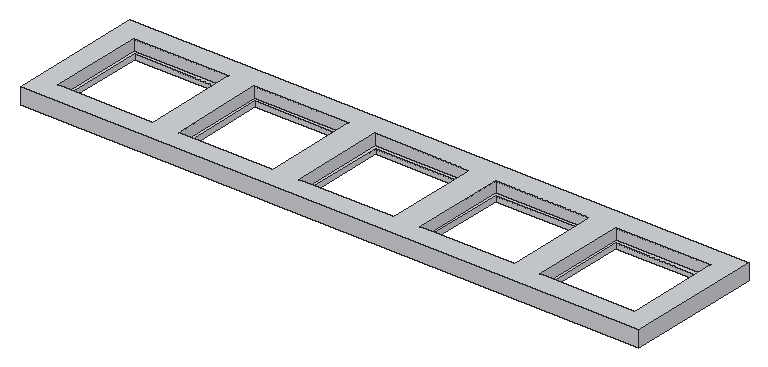
Revit family "Gira_021522", category Electrical Fixtures, host Face, Revit 2017
Family settings
  Host = Face
  Maintain Annotation Orientation = No
  Round Connector Dimension = Use Diameter
  Part Type = Normal
  Cut with Voids When Loaded = No
  Shared = No
  Room Calculation Point = No
Parameters (values of type "Abdeckrahmen 5f Gira E2 Reinweiß m")
  Werkstoffgüte = "Thermoplast"
  Werkstoff = "Kunststoff"
  URL = "http://katalog.gira.de/de_DE/datenblatt.html?artikelnr=021522"
  Transparent = "No"
  Textfeld/Beschriftungsfläche = "No"
  Schutzart (IP) = "IP20"
  Region = "DE"
  Oberfläche = "sonstige"
  Name = "Abdeckrahmen 5f Gira E2 Reinweiß m"
  Montagerichtung = "horizontal und vertikal"
  Mit Montagerahmen = "No"
  Mit Klappdeckel = "No"
  Manufacturer URL = "https://www.gira.de/"
  Keynote = "E2_Rahmen_5fach"
  HeinzeBIM = "https://bimportal.heinze.de/bim/abdeckrahmen-5f-gira-e2-reinweiss-m/500067b22d486489a729e9de57c4c0f2af78977e"
  Halogenfrei = "Yes"
  HAN = "021522"
  Geeignet für Unterputz-Installation = "Yes"
  Geeignet für Unterflurkanaldose = "No"
  Geeignet für Geräteeinbaukanal = "No"
  Geeignet für Einbauinstallation = "No"
  GTIN = "4010337215226"
  Farbe = "weiß"
  Default Elevation = 1219.2 mm
  Data sheet (1) = "https://katalog.gira.de/de_DE/download.html?artikelnr=021522"
  Category = "Abdeckrahmen"
  Befestigungsart = "Klemmbefestigung"
  Available = "Yes"
  Ausführung der Oberfläche = "matt"
  Anzahl der Einheiten vertikal = "5 "
  Anzahl der Einheiten horizontal = "5 "
  Anzahl der Einheiten = "5 "
Reference planes
  plane 1 "Center (Front/Back)": y = 0
  plane 2: z = 0
  plane 3 "Center (Left/Right)": x = 0
Forms (mm)
  Extrusion 1, solid, detail levels fine
    sketch origin (0, 0, 0) x (1, 0, 0) y (0, 1, 0)
      loop
        line (183, 40.4) -> (-183, 40.4) -> (-183, -40.4) -> (183, -40.4) -> (183, 40.4)
      loop
        line (114.548, 28.052) -> (114.548, -28.052) -> (170.652, -28.052) -> (170.652, 28.052) -> (114.548, 28.052)
      loop
        line (43.248, 28.052) -> (43.248, -28.052) -> (99.352, -28.052) -> (99.352, 28.052) -> (43.248, 28.052)
      loop
        line (-28.052, 28.052) -> (-28.052, -28.052) -> (28.052, -28.052) -> (28.052, 28.052) -> (-28.052, 28.052)
      loop
        line (-99.352, 28.052) -> (-99.352, -28.052) -> (-43.248, -28.052) -> (-43.248, 28.052) -> (-99.352, 28.052)
      loop
        line (-170.652, 28.052) -> (-170.652, -28.052) -> (-114.548, -28.052) -> (-114.548, 28.052) -> (-170.652, 28.052)
    from 0 to 9.3
  Extrusion 2, solid, detail levels fine
    sketch origin (-142.5, 0, 0) x (1, 0, 0) y (0, 1, 0)
      loop
        line (-28.152, -28.152) -> (28.152, -28.152) -> (28.152, 28.152) -> (-28.152, 28.152) -> (-28.152, -28.152)
      loop
        line (25.9, -25.7) -> (25.9, 25.7) -> (-25.9, 25.7) -> (-25.9, -25.7) -> (25.9, -25.7)
    from 0 to 3
  Extrusion 3, solid, detail levels coarse+medium
    sketch origin (0, 0, 0) x (1, 0, 0) y (0, 1, 0)
      loop
        line (183, 40.4) -> (-183, 40.4) -> (-183, -40.4) -> (183, -40.4) -> (183, 40.4)
    from 0 to 9.3
  Extrusion 4, solid, detail levels fine
    sketch origin (0.1, -0.047, 0) x (1, 0, 0) y (0, 1, 0)
      loop
        line (-28.152, -28.106) -> (28.152, -28.106) -> (28.152, 28.199) -> (-28.152, 28.199) -> (-28.152, -28.106)
      loop
        line (25.9, -25.653) -> (25.9, 25.747) -> (-25.9, 25.747) -> (-25.9, -25.653) -> (25.9, -25.653)
    from 0 to 3
  Extrusion 5, solid, detail levels fine
    sketch origin (142.5, -0.047, 0) x (1, 0, 0) y (0, 1, 0)
      loop
        line (-27.952, -28.006) -> (28.152, -28.006) -> (28.152, 28.099) -> (-27.952, 28.099) -> (-27.952, -28.006)
      loop
        line (26, -25.653) -> (26, 25.747) -> (-25.9, 25.747) -> (-25.9, -25.653) -> (26, -25.653)
    from 0 to 3
  Extrusion 6, solid, detail levels fine
    sketch origin (71.2, -0.047, 0) x (1, 0, 0) y (0, 1, 0)
      loop
        line (-27.952, -28.006) -> (28.152, -28.006) -> (28.152, 28.099) -> (-27.952, 28.099) -> (-27.952, -28.006)
      loop
        line (26, -25.653) -> (26, 25.747) -> (-25.9, 25.747) -> (-25.9, -25.653) -> (26, -25.653)
    from 0 to 3
  Extrusion 7, solid, detail levels fine
    sketch origin (-71.2, -0.047, 0) x (1, 0, 0) y (0, 1, 0)
      loop
        line (-28.152, -28.106) -> (28.152, -28.106) -> (28.152, 28.199) -> (-28.152, 28.199) -> (-28.152, -28.106)
      loop
        line (25.9, -25.653) -> (25.9, 25.747) -> (-25.9, 25.747) -> (-25.9, -25.653) -> (25.9, -25.653)
    from 0 to 3
Dimensions and locks
  aligned and locked: plane 2 to host face
  aligned and locked: level to host face
